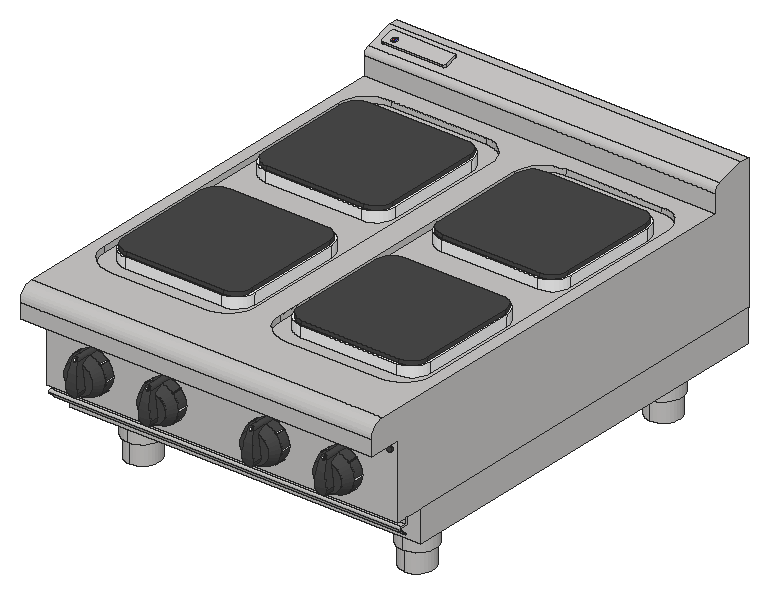
Revit family "QF_Moffat_RNL8400SE-B_Electric_Cooktops_Sealed_Hobs_cat", category Specialty Equipment, Revit 2019
Family settings
  Round Connector Dimension = Use Diameter
  Part Type = Normal
  Work Plane-Based = No
  Always vertical = Yes
  Cut with Voids When Loaded = No
  Shared = No
  Room Calculation Point = No
Parameters (values of type "RNL8400SE-B")
  Weight in Kilograms = 74
  Watts = 8800 W
  Volts = 400 V
  URL Cutsheet = ""
  Specification by User = ""
  Specification by Manufacturer = ""
  Serial Number = ""
  Seismic Rating = ""
  SMACNA No = ""
  Revision Code = ""
  Phase = 2
  Number of Poles = 1
  NAFEM Spec ID Number = ""
  Model = "RNL8400SE-B"
  Min Ckt Ampacity = 0 A
  Max Overcurrent Protection = 0 A
  Masterspec = ""
  Manufacturer = "Moffat"
  Length = 600 mm
  Item Number = ""
  Installed By = ""
  Identify Quantity as Lot = yes
  Height = 370 mm
  HP = ""
  Furnished By = ""
  Foodservice Equipment Identifier = yes
  FL Amps = 22 A
  Electrical Remarks = ""
  Electric Connection Type = ""
  Elec Conn RI Height = 0 mm
  Elec Conn Connection Height = 0 mm
  Description = "Electric Cooktops Sealed Hobs"
  Depth = 805 mm
  Cycle = 50 Hz
  Conn Plug = ""
  Conn Conduit = yes
  CSI MasterFormat = ""
  Apparent Power = if(Phase = 3, Volts * FL Amps * 1.73, Volts * FL Amps)  # 8800 VA
Reference planes
  plane 1 "BACK": y = 0
  plane 2: z = 0
  plane 3 "LEFT": x = 0
  plane 4 "RIGHT": x = 600
  plane 5 "FRONT": y = -805
  plane 6 "TOP": z = 315
  plane 7 "Center Y": x = 300
  plane 8 "Center X": y = -402.5
  plane 9: x = 65.5
  plane 10: x = 87.5
  plane 11: x = 211.766
  plane 12: y = -30
  plane 13: x = 470
  plane 14: x = 512.5
  plane 15: x = 388.234
  plane 16: x = 534.5
  plane 17: z = 370
Forms (mm)
  Extrusion 1, solid, material "QF_Metal_Stainless_Polished"
    sketch origin (0, 0, 0) x (0, 1, 0) y (0, 0, 1)
      loop
        line (0, 140) -> (0, 370) -> (-15, 370) -> (-61.106, 357.646)
        arc (-61.106, 357.646) -> (-67.52, 353.36) -> (-70, 346.055) r 12
        line (-70, 346.055) -> (-70, 315) -> (-781, 315)
        arc (-781, 315) -> (-797.971, 307.971) -> (-805, 291) r 24
        line (-805, 291) -> (-805, 266) -> (-749, 266) -> (-749, 140) -> (0, 140)
    from 0 to 600
  Extrusion 2, void
    sketch origin (0, -773.8, 315) x (0, 1, 0) y (-1, 0, 0)
      loop
        arc (673.6, -69) -> (658.955, -33.645) -> (623.6, -19) r 50
        line (623.6, -19) -> (123.399, -19)
        arc (123.399, -19) -> (88.044, -33.645) -> (73.399, -69) r 50
        line (73.399, -69) -> (73.399, -231)
        arc (73.399, -231) -> (88.044, -266.355) -> (123.399, -281) r 50
        line (123.399, -281) -> (623.6, -281)
        arc (623.6, -281) -> (658.955, -266.355) -> (673.6, -231) r 50
        line (673.6, -231) -> (673.6, -69)
      loop
        line (673.6, -531) -> (673.6, -369)
        arc (673.6, -369) -> (658.955, -333.645) -> (623.6, -319) r 50
        line (623.6, -319) -> (123.399, -319)
        arc (123.399, -319) -> (88.044, -333.645) -> (73.399, -369) r 50
        line (73.399, -369) -> (73.399, -531)
        arc (73.399, -531) -> (88.044, -566.355) -> (123.399, -581) r 50
        line (123.399, -581) -> (623.6, -581)
        arc (623.6, -581) -> (658.955, -566.355) -> (673.6, -531) r 50
    from 0 to -9.5
  Extrusion 3, solid, material "QF_Plastic_White_Smooth"
    sketch origin (0, -773.8, 305.5) x (0, 1, 0) y (-1, 0, 0)
      loop
        arc (635.218, -68) -> (625.846, -45.373) -> (603.218, -36) r 32
        line (603.218, -36) -> (440.356, -36)
        arc (440.356, -36) -> (417.729, -45.373) -> (408.356, -68) r 32
        line (408.356, -68) -> (408.356, -232)
        arc (408.356, -232) -> (417.729, -254.627) -> (440.356, -264) r 32
        line (440.356, -264) -> (603.218, -264)
        arc (603.218, -264) -> (625.846, -254.627) -> (635.218, -232) r 32
        line (635.218, -232) -> (635.218, -68)
      loop
        arc (335.256, -68) -> (325.884, -45.373) -> (303.256, -36) r 32
        line (303.256, -36) -> (140.282, -36)
        arc (140.282, -36) -> (117.655, -45.373) -> (108.282, -68) r 32
        line (108.282, -68) -> (108.282, -232)
        arc (108.282, -232) -> (117.655, -254.627) -> (140.282, -264) r 32
        line (140.282, -264) -> (303.256, -264)
        arc (303.256, -264) -> (325.884, -254.627) -> (335.256, -232) r 32
        line (335.256, -232) -> (335.256, -68)
      loop
        arc (635.218, -368) -> (625.846, -345.373) -> (603.218, -336) r 32
        line (603.218, -336) -> (440.356, -336)
        arc (440.356, -336) -> (417.728, -345.373) -> (408.356, -368) r 32
        line (408.356, -368) -> (408.356, -532)
        arc (408.356, -532) -> (417.728, -554.627) -> (440.356, -564) r 32
        line (440.356, -564) -> (603.218, -564)
        arc (603.218, -564) -> (625.846, -554.627) -> (635.218, -532) r 32
        line (635.218, -532) -> (635.218, -368)
      loop
        arc (335.258, -368) -> (325.885, -345.373) -> (303.258, -336) r 32
        line (303.258, -336) -> (140.279, -336)
        arc (140.279, -336) -> (117.652, -345.373) -> (108.279, -368) r 32
        line (108.279, -368) -> (108.279, -532)
        arc (108.279, -532) -> (117.652, -554.627) -> (140.279, -564) r 32
        line (140.279, -564) -> (303.258, -564)
        arc (303.258, -564) -> (325.885, -554.627) -> (335.258, -532) r 32
        line (335.258, -532) -> (335.258, -368)
    from 0 to 17.8
  Extrusion 4, solid, material "QF_Plastic_Black_Smooth"
    sketch origin (0, -773.8, 323.3) x (0, 1, 0) y (-1, 0, 0)
      loop
        arc (631.8, -67) -> (623.892, -47.908) -> (604.8, -40) r 27
        line (604.8, -40) -> (438.79, -40)
        arc (438.79, -40) -> (419.699, -47.908) -> (411.79, -67) r 27
        line (411.79, -67) -> (411.79, -233)
        arc (411.79, -233) -> (419.699, -252.092) -> (438.79, -260) r 27
        line (438.79, -260) -> (604.8, -260)
        arc (604.8, -260) -> (623.892, -252.092) -> (631.8, -233) r 27
        line (631.8, -233) -> (631.8, -67)
      loop
        arc (331.8, -67) -> (323.892, -47.908) -> (304.8, -40) r 27
        line (304.8, -40) -> (138.8, -40)
        arc (138.8, -40) -> (119.708, -47.908) -> (111.8, -67) r 27
        line (111.8, -67) -> (111.8, -233)
        arc (111.8, -233) -> (119.708, -252.092) -> (138.8, -260) r 27
        line (138.8, -260) -> (304.8, -260)
        arc (304.8, -260) -> (323.892, -252.092) -> (331.8, -233) r 27
        line (331.8, -233) -> (331.8, -67)
      loop
        line (631.8, -533) -> (631.8, -367)
        arc (631.8, -367) -> (623.892, -347.908) -> (604.8, -340) r 27
        line (604.8, -340) -> (438.79, -340)
        arc (438.79, -340) -> (419.699, -347.908) -> (411.79, -367) r 27
        line (411.79, -367) -> (411.79, -533)
        arc (411.79, -533) -> (419.699, -552.092) -> (438.79, -560) r 27
        line (438.79, -560) -> (604.8, -560)
        arc (604.8, -560) -> (623.892, -552.092) -> (631.8, -533) r 27
      loop
        line (331.8, -533) -> (331.8, -367)
        arc (331.8, -367) -> (323.892, -347.908) -> (304.8, -340) r 27
        line (304.8, -340) -> (138.8, -340)
        arc (138.8, -340) -> (119.708, -347.908) -> (111.8, -367) r 27
        line (111.8, -367) -> (111.8, -533)
        arc (111.8, -533) -> (119.708, -552.092) -> (138.8, -560) r 27
        line (138.8, -560) -> (304.8, -560)
        arc (304.8, -560) -> (323.892, -552.092) -> (331.8, -533) r 27
    from 0 to 6.1
  Extrusion 5, solid, material "QF_Metal_Stainless_Polished"
    sketch origin (0, 0, 0) x (0, 1, 0) y (0, 0, 1)
      loop
        line (-699, 85) -> (0, 85) -> (0, 140) -> (-699, 140) -> (-699, 85)
    from 0 to 600
  Extrusion 6, solid, material "QF_Metal_Stainless_Polished"
    sketch origin (0, 0, 0) x (0, 1, 0) y (0, 0, 1)
      loop
        line (-730.6, 140) -> (-730.6, 130) -> (-740.105, 130)
        arc (-740.105, 130) -> (-743.076, 128.015) -> (-742.379, 124.511) r 3.215
        line (-742.379, 124.511) -> (-731.85, 113.982) -> (-730.719, 115.113) -> (-741.247, 125.642)
        arc (-741.247, 125.642) -> (-741.597, 127.403) -> (-740.105, 128.4) r 1.615
        line (-740.105, 128.4) -> (-729, 128.4) -> (-729, 140) -> (-730.6, 140)
    from 0 to 600
  Extrusion 7, solid, material "QF_Metal_Stainless_Polished"
    sketch origin (300, 175.397, 1219.2) x (0, 1, 0) y (0, 0, 1)
      loop
        line (-874.397, -1109.2) -> (-889.234, -1109.2)
        arc (-889.234, -1109.2) -> (-890.834, -1110.8) -> (-889.234, -1112.4) r 1.6
        line (-889.234, -1112.4) -> (-874.397, -1112.4) -> (-874.397, -1109.2)
    from -250 to 250
  Extrusion 8, solid, material "QF_Paint_Green"
    sketch origin (0, -749, 107.5) x (0, 0, 1) y (-1, 0, 0)
      loop
        circle (129.8, -432.5) r 7.15
      loop
        circle (129.8, -557.5) r 7.15
      loop
        circle (129.8, -131.766) r 7.15
      loop
        circle (129.8, -256.766) r 7.15
    from 0 to 1.6
  Extrusion 9, solid, material "QF_Plastic_Black_Smooth"
    sketch origin (0, -749, 107.5) x (0, 0, 1) y (-1, 0, 0)
      loop
        circle (142.343, -13.157) r 5
      loop
        circle (142.343, -586.843) r 5
    from 0 to 1.6
  Extrusion 10, solid, material "QF_Metal_Stainless_Polished"
    sketch origin (-30, -689.8, 85) x (1, 0, 0) y (0, -1, 0)
      loop
        circle (500, -659.8) r 6.35
    from 0 to 1.6
Cuts and joins
  Extrusion 2 cuts Extrusion 1
Lines and regions (mm)
  symbolic lines
    curve 1: line (0, 0, 0) -> (600, 0, 0)
    curve 2: line (0, -805, 0) -> (0, 0, 0)
    curve 3: line (600, -805, 0) -> (0, -805, 0)
    curve 4: line (600, 0, 0) -> (600, -805, 0)
    curve 5: arc (69, -700.401, 0) -> (33.645, -685.756, 0) -> (19, -650.401, 0) r 50
    curve 6: line (19, -650.401, 0) -> (19, -150.2, 0)
    curve 7: arc (19, -150.2, 0) -> (33.645, -114.845, 0) -> (69, -100.2, 0) r 50
    curve 8: line (69, -100.2, 0) -> (231, -100.2, 0)
    curve 9: arc (231, -100.2, 0) -> (266.355, -114.845, 0) -> (281, -150.2, 0) r 50
    curve 10: line (281, -150.2, 0) -> (281, -650.401, 0)
    curve 11: arc (281, -650.401, 0) -> (266.355, -685.756, 0) -> (231, -700.401, 0) r 50
    curve 12: line (231, -700.401, 0) -> (69, -700.401, 0)
    curve 13: arc (369, -700.401, 0) -> (333.645, -685.756, 0) -> (319, -650.401, 0) r 50
    curve 14: line (319, -650.401, 0) -> (319, -150.2, 0)
    curve 15: arc (319, -150.2, 0) -> (333.645, -114.845, 0) -> (369, -100.2, 0) r 50
    curve 16: line (369, -100.2, 0) -> (531, -100.2, 0)
    curve 17: arc (531, -100.2, 0) -> (566.355, -114.845, 0) -> (581, -150.2, 0) r 50
    curve 18: line (581, -150.2, 0) -> (581, -650.401, 0)
    curve 19: arc (581, -650.401, 0) -> (566.355, -685.756, 0) -> (531, -700.401, 0) r 50
    curve 20: line (531, -700.401, 0) -> (369, -700.401, 0)
    curve 21: arc (232, -665.518, 0) -> (254.627, -656.145, 0) -> (264, -633.518, 0) r 32
    curve 22: line (264, -633.518, 0) -> (264, -470.544, 0)
    curve 23: arc (264, -470.544, 0) -> (254.627, -447.916, 0) -> (232, -438.544, 0) r 32
    curve 24: line (232, -438.544, 0) -> (68, -438.544, 0)
    curve 25: arc (68, -438.544, 0) -> (45.373, -447.916, 0) -> (36, -470.544, 0) r 32
    curve 26: line (36, -470.544, 0) -> (36, -633.518, 0)
    curve 27: arc (36, -633.518, 0) -> (45.373, -656.145, 0) -> (68, -665.518, 0) r 32
    curve 28: line (68, -665.518, 0) -> (232, -665.518, 0)
    curve 29: arc (233, -662, 0) -> (252.092, -654.092, 0) -> (260, -635, 0) r 27
    curve 30: line (260, -635, 0) -> (260, -469, 0)
    curve 31: arc (260, -469, 0) -> (252.092, -449.908, 0) -> (233, -442, 0) r 27
    curve 32: line (233, -442, 0) -> (67, -442, 0)
    curve 33: arc (67, -442, 0) -> (47.908, -449.908, 0) -> (40, -469, 0) r 27
    curve 34: line (40, -469, 0) -> (40, -635, 0)
    curve 35: arc (40, -635, 0) -> (47.908, -654.092, 0) -> (67, -662, 0) r 27
    curve 36: line (67, -662, 0) -> (233, -662, 0)
    curve 37: arc (336, -633.521, 0) -> (345.373, -656.148, 0) -> (368, -665.521, 0) r 32
    curve 38: line (368, -665.521, 0) -> (532, -665.521, 0)
    curve 39: arc (532, -665.521, 0) -> (554.627, -656.148, 0) -> (564, -633.521, 0) r 32
    curve 40: line (564, -633.521, 0) -> (564, -470.542, 0)
    curve 41: arc (564, -470.542, 0) -> (554.627, -447.915, 0) -> (532, -438.542, 0) r 32
    curve 42: line (532, -438.542, 0) -> (368, -438.542, 0)
    curve 43: arc (368, -438.542, 0) -> (345.373, -447.915, 0) -> (336, -470.542, 0) r 32
    curve 44: line (336, -470.542, 0) -> (336, -633.521, 0)
    curve 45: arc (340, -635, 0) -> (347.908, -654.092, 0) -> (367, -662, 0) r 27
    curve 46: line (367, -662, 0) -> (533, -662, 0)
    curve 47: arc (533, -662, 0) -> (552.092, -654.092, 0) -> (560, -635, 0) r 27
    curve 48: line (560, -635, 0) -> (560, -469, 0)
    curve 49: arc (560, -469, 0) -> (552.092, -449.908, 0) -> (533, -442, 0) r 27
    curve 50: line (533, -442, 0) -> (367, -442, 0)
    curve 51: arc (367, -442, 0) -> (347.908, -449.908, 0) -> (340, -469, 0) r 27
    curve 52: line (340, -469, 0) -> (340, -635, 0)
    curve 53: arc (340, -335.01, 0) -> (347.908, -354.101, 0) -> (367, -362.01, 0) r 27
    curve 54: line (367, -362.01, 0) -> (533, -362.01, 0)
    curve 55: arc (533, -362.01, 0) -> (552.092, -354.101, 0) -> (560, -335.01, 0) r 27
    curve 56: line (560, -335.01, 0) -> (560, -169, 0)
    curve 57: arc (560, -169, 0) -> (552.092, -149.908, 0) -> (533, -142, 0) r 27
    curve 58: line (533, -142, 0) -> (367, -142, 0)
    curve 59: arc (367, -142, 0) -> (347.908, -149.908, 0) -> (340, -169, 0) r 27
    curve 60: line (340, -169, 0) -> (340, -335.01, 0)
    curve 61: arc (336, -333.444, 0) -> (345.373, -356.072, 0) -> (368, -365.444, 0) r 32
    curve 62: line (368, -365.444, 0) -> (532, -365.444, 0)
    curve 63: arc (532, -365.444, 0) -> (554.627, -356.072, 0) -> (564, -333.444, 0) r 32
    curve 64: line (564, -333.444, 0) -> (564, -170.582, 0)
    curve 65: arc (564, -170.582, 0) -> (554.627, -147.954, 0) -> (532, -138.582, 0) r 32
    curve 66: line (532, -138.582, 0) -> (368, -138.582, 0)
    curve 67: arc (368, -138.582, 0) -> (345.373, -147.954, 0) -> (336, -170.582, 0) r 32
    curve 68: line (336, -170.582, 0) -> (336, -333.444, 0)
    curve 69: arc (232, -365.444, 0) -> (254.627, -356.071, 0) -> (264, -333.444, 0) r 32
    curve 70: line (264, -333.444, 0) -> (264, -170.582, 0)
    curve 71: arc (264, -170.582, 0) -> (254.627, -147.954, 0) -> (232, -138.582, 0) r 32
    curve 72: line (232, -138.582, 0) -> (68, -138.582, 0)
    curve 73: arc (68, -138.582, 0) -> (45.373, -147.954, 0) -> (36, -170.582, 0) r 32
    curve 74: line (36, -170.582, 0) -> (36, -333.444, 0)
    curve 75: arc (36, -333.444, 0) -> (45.373, -356.071, 0) -> (68, -365.444, 0) r 32
    curve 76: line (68, -365.444, 0) -> (232, -365.444, 0)
    curve 77: arc (233, -362.01, 0) -> (252.092, -354.101, 0) -> (260, -335.01, 0) r 27
    curve 78: line (260, -335.01, 0) -> (260, -169, 0)
    curve 79: arc (260, -169, 0) -> (252.092, -149.908, 0) -> (233, -142, 0) r 27
    curve 80: line (233, -142, 0) -> (67, -142, 0)
    curve 81: arc (67, -142, 0) -> (47.908, -149.908, 0) -> (40, -169, 0) r 27
    curve 82: line (40, -169, 0) -> (40, -335.01, 0)
    curve 83: arc (40, -335.01, 0) -> (47.908, -354.101, 0) -> (67, -362.01, 0) r 27
    curve 84: line (67, -362.01, 0) -> (233, -362.01, 0)
    curve 85: line (0, -15, 0) -> (600, -15, 0)
    curve 86: line (0, -70, 0) -> (600, -70, 0)
Dimensions and locks
  equal spacing: plane 3 "LEFT", plane 7 "Center Y", plane 4 "RIGHT"
  "Length": plane 3 "LEFT" to plane 4 "RIGHT"
  equal spacing: plane 5 "FRONT", plane 8 "Center X", plane 1 "BACK"
  "Depth": plane 5 "FRONT" to plane 1 "BACK"
  plane 4 "RIGHT" to plane 3 "LEFT" = 600 mm
  plane 1 "BACK" to plane 5 "FRONT" = 805 mm
  plane 6 "TOP" to plane 2 = 315 mm
  cut or joined group of Extrusion 1, Extrusion 2 to plane 2 = 315 mm
  plane 2 to Extrusion 5 = 85 mm
  plane 1 "BACK" to nested 5 = 100 mm
  nested 5 to nested 1 = 525 mm
  plane 13 to plane 4 "RIGHT" = 130 mm
  plane 9 to plane 16 = 469 mm
  plane 1 "BACK" to plane 12 = 30 mm
  "Height": plane 17 to level
  aligned and locked: level to plane 2
Automatic sketch dimensions
  Extrusion 3 sketch curve to Extrusion 2 = 34.883 mm
  Extrusion 3 sketch curve to Extrusion 2 = 17 mm  (x6)
  Extrusion 3 sketch curve to Extrusion 3 sketch curve = 32 mm  (x11)
  Extrusion 3 sketch curve to Extrusion 2 = 49 mm  (x5)
  Extrusion 3 sketch curve to Extrusion 3 sketch curve = 162.974 mm
  Extrusion 3 sketch curve to Extrusion 3 sketch curve = 73.1 mm
  Extrusion 3 sketch curve to Extrusion 2 = 70.382 mm  (x4)
  Extrusion 5 sketch curve to plane 1 "BACK" = 0 mm
  Extrusion 5 sketch curve to plane 5 "FRONT" = 106 mm
  level to Extrusion 5 sketch curve = 85 mm
  Extrusion 5 sketch curve to Extrusion 5 sketch curve = 55 mm
  Extrusion 6 sketch curve to Extrusion 6 sketch curve = 0 mm  (x2)
  Extrusion 6 sketch curve to plane 5 "FRONT" = 62.621 mm
  Extrusion 6 sketch curve to Extrusion 6 sketch curve = 1.131 mm  (x3)
  Extrusion 6 sketch curve to Extrusion 6 sketch curve = 1.142 mm  (x2)
  Extrusion 6 sketch curve to Extrusion 6 sketch curve = 10.529 mm
  Extrusion 6 sketch curve to Extrusion 6 sketch curve = 9.505 mm
  Extrusion 6 sketch curve to Extrusion 6 sketch curve = 1.6 mm
  level to Extrusion 6 sketch curve = 113.982 mm
  Extrusion 6 sketch curve to Extrusion 6 sketch curve = 10 mm
  Extrusion 1 to Extrusion 9 sketch curve = 13.157 mm  (x2)
  Extrusion 10 sketch curve to Extrusion 5 = 30 mm
  Extrusion 10 sketch curve to Extrusion 5 = 130 mm
  Extrusion 7 sketch curve to plane 5 "FRONT" = 91.163 mm
  Extrusion 7 sketch curve to Extrusion 7 sketch curve = 14.837 mm
  level to Extrusion 7 sketch curve = 106.8 mm
  Extrusion 7 sketch curve to Extrusion 7 sketch curve = 1.6 mm
  Extrusion 1 to Extrusion 8 sketch curve = 42.5 mm
  Extrusion 8 sketch curve to Extrusion 8 sketch curve = 125 mm  (x2)
  Extrusion 8 sketch curve to Extrusion 8 sketch curve = 175.734 mm
  Extrusion 1 to Extrusion 2 sketch curve = 19 mm
  Extrusion 2 sketch curve to Extrusion 2 sketch curve = 50 mm  (x6)
  Extrusion 2 sketch curve to Extrusion 2 sketch curve = 0 mm  (x2)
  Extrusion 2 sketch curve to Extrusion 2 sketch curve = 162 mm
  Extrusion 2 sketch curve to Extrusion 2 sketch curve = 38 mm
  Extrusion 1 to Extrusion 2 sketch curve = 69 mm
  Extrusion 3 sketch curve to Extrusion 2 = 265.244 mm
  Extrusion 3 sketch curve to Extrusion 2 = 34.88 mm
  Extrusion 3 sketch curve to Extrusion 3 sketch curve = 105.098 mm
  Extrusion 4 sketch curve to Extrusion 3 = 3.518 mm  (x2)
  Extrusion 4 sketch curve to Extrusion 4 sketch curve = 27 mm  (x6)
  Extrusion 4 sketch curve to Extrusion 3 = 4 mm  (x7)
  Extrusion 4 sketch curve to Extrusion 3 = 30.518 mm
  Extrusion 4 sketch curve to Extrusion 3 = 30.456 mm  (x4)
  Extrusion 4 sketch curve to Extrusion 3 = 3.456 mm  (x2)
  Extrusion 4 sketch curve to Extrusion 3 = 3.434 mm  (x2)
  Extrusion 4 sketch curve to Extrusion 3 = 30.434 mm
  Extrusion 4 sketch curve to Extrusion 3 = 30.418 mm  (x4)
  Extrusion 4 sketch curve to Extrusion 3 = 3.418 mm  (x2)
  Extrusion 4 sketch curve to Extrusion 3 = 31 mm
  Extrusion 2 sketch curve to Extrusion 1 = 130.599 mm
  Extrusion 8 sketch curve to Extrusion 1 = 28.7 mm  (x4)
  Extrusion 9 sketch curve to Extrusion 1 = 16.157 mm  (x2)
  plane 1 "BACK" to curve 1 = 0 mm
  curve 1 to plane 3 "LEFT" = 0 mm
  curve 4 to plane 4 "RIGHT" = 0 mm
  plane 5 "FRONT" to curve 4 = 0 mm
  plane 3 "LEFT" to curve 6 = 19 mm
  plane 9 to curve 26 = 29.5 mm
  curve 7 to curve 74 = 17 mm
  curve 73 to curve 82 = 4 mm
  curve 25 to curve 34 = 4 mm
  curve 32 to plane 9 = 1.5 mm
  curve 36 to plane 9 = 1.5 mm
  curve 83 to plane 9 = 1.5 mm
  curve 80 to plane 9 = 1.5 mm
  curve 24 to plane 9 = 2.5 mm
  curve 81 to curve 73 = 1 mm
  curve 27 to plane 9 = 2.5 mm
  curve 83 to curve 75 = 1 mm
  curve 8 to plane 9 = 3.5 mm
  curve 5 to plane 9 = 3.5 mm
  plane 11 to curve 8 = 19.234 mm
  plane 11 to curve 11 = 19.234 mm
  plane 11 to curve 24 = 20.234 mm
  plane 11 to curve 76 = 20.234 mm
  plane 11 to curve 71 = 20.234 mm
  curve 11 to curve 28 = 1 mm
  curve 23 to curve 31 = 1 mm
  curve 76 to curve 84 = 1 mm
  curve 71 to curve 80 = 1 mm
  curve 21 to curve 29 = 1 mm
  curve 31 to curve 30 = 27 mm
  curve 77 to curve 78 = 27 mm
  curve 29 to curve 22 = 4 mm
  curve 77 to curve 70 = 4 mm
  curve 10 to plane 7 "Center Y" = 19 mm
  plane 7 "Center Y" to curve 14 = 19 mm
  curve 14 to curve 44 = 17 mm
  plane 7 "Center Y" to curve 68 = 36 mm
  curve 68 to curve 60 = 4 mm
  curve 44 to curve 52 = 4 mm
  plane 15 to curve 51 = 21.234 mm
  plane 15 to curve 53 = 21.234 mm
  plane 15 to curve 59 = 21.234 mm
  plane 15 to curve 46 = 21.234 mm
  curve 45 to curve 37 = 1 mm
  curve 51 to curve 43 = 1 mm
  curve 59 to curve 67 = 1 mm
  curve 53 to curve 61 = 1 mm
  plane 15 to curve 20 = 19.234 mm
  plane 15 to curve 16 = 19.234 mm
  curve 19 to plane 16 = 3.5 mm
  curve 17 to plane 16 = 3.5 mm
  curve 66 to plane 16 = 2.5 mm
  curve 38 to plane 16 = 2.5 mm
  curve 62 to plane 16 = 2.5 mm
  curve 41 to plane 16 = 2.5 mm
  curve 49 to plane 16 = 1.5 mm
  curve 55 to plane 16 = 1.5 mm
  curve 57 to plane 16 = 1.5 mm
  curve 46 to plane 16 = 1.5 mm
  plane 16 to curve 56 = 25.5 mm
  plane 16 to curve 48 = 25.5 mm
  curve 57 to curve 64 = 4 mm
  curve 47 to curve 40 = 4 mm
  plane 4 "RIGHT" to curve 18 = 19 mm
  curve 20 to plane 5 "FRONT" = 104.599 mm
  curve 12 to plane 5 "FRONT" = 104.599 mm
  curve 38 to curve 13 = 15.12 mm
  curve 28 to curve 5 = 15.117 mm
  curve 28 to curve 36 = 3.518 mm
  curve 37 to curve 46 = 3.521 mm
  curve 25 to plane 8 "Center X" = 68.044 mm
  curve 43 to plane 8 "Center X" = 68.042 mm
  curve 25 to curve 33 = 1.544 mm
  curve 43 to curve 51 = 1.542 mm
  plane 8 "Center X" to curve 62 = 37.056 mm
  plane 8 "Center X" to curve 76 = 37.056 mm
  curve 76 to curve 84 = 3.434 mm
  curve 62 to curve 54 = 3.435 mm
  plane 12 to curve 74 = 140.582 mm
  curve 70 to curve 68 = 0 mm
  curve 73 to curve 81 = 1.582 mm
  curve 64 to curve 56 = 1.582 mm
  curve 70 to curve 10 = 20.382 mm
  curve 67 to curve 14 = 20.382 mm
  Extrusion 1 sketch curve to plane 5 "FRONT" = 0 mm
  Extrusion 1 sketch curve to plane 5 "FRONT" = 24 mm
  Extrusion 1 sketch curve to plane 5 "FRONT" = 56 mm
  Extrusion 1 sketch curve to Extrusion 1 sketch curve = 25 mm
  Extrusion 1 sketch curve to Extrusion 1 sketch curve = 126 mm
  plane 12 to Extrusion 1 sketch curve = 40 mm
  plane 6 "TOP" to Extrusion 1 sketch curve = 31.055 mm
  Extrusion 1 sketch curve to Extrusion 1 sketch curve = 12 mm
  Extrusion 1 sketch curve to Extrusion 1 sketch curve = 3.106 mm
  plane 1 "BACK" to Extrusion 1 sketch curve = 15 mm
  Extrusion 1 sketch curve to Extrusion 1 sketch curve = 12.354 mm
  Extrusion 1 sketch curve to plane 1 "BACK" = 0 mm
  Extrusion 1 sketch curve to plane 6 "TOP" = 0 mm
  Extrusion 2 sketch curve to Extrusion 1 = 80.2 mm  (x3)
  curve 85 to curve 1 = 15 mm
  plane 12 to curve 86 = 40 mm
  radius of Extrusion 9 sketch curve = 5 mm  (x2)
  radius of Extrusion 10 sketch curve = 6.35 mm
  radius of Extrusion 8 sketch curve = 7.15 mm  (x4)
Nested families
  nested 1: "Small Leg" at (33.75, -593.25, 0), type "Small Leg"
  nested 2: "Small Leg" at (566.25, -593.25, 0) x (-1, 0, 0) z (0, 0, 1), type "Small Leg"
  nested 3: "Knob" at (55.003, -746.031, 164.502), type "Knob"
  nested 4: "Knob" at (179.269, -746.031, 164.502), type "Knob"
  nested 5: "Small Leg" at (33.75, -68.25, 0), type "Small Leg"
  nested 6: "Small Leg" at (566.25, -68.25, 0) x (-1, 0, 0) z (0, 0, 1), type "Small Leg"
  nested 7: "Knob" at (355.738, -746.031, 164.502), type "Knob"
  nested 8: "Knob" at (480.003, -746.031, 164.502), type "Knob"
  nested 9: "QF_LOGO_Waldorf" at (12, -23.778, 340.937), type "QF_LOGO_Waldorf"
Connectors
  electrical at (470, -30, 83.4), driven by "Volts", driven by "Watts"
    settings: on Extrusion 10, index 1, voltage 400 V, apparent load 8800 VA, apparent load phase1 0 VA, apparent load phase2 0 VA, apparent load phase3 0 VA, power factor 1, load classification "Other", number of poles 1, system type 30, power factor state 1, is connector primary yes, connector utility no, sub classification motor no, connector description "Electrical Connection"
Definition of nested family "Small Leg"
  Parameters (values of type "Small Leg")
    Weight in Pounds = 0
    URL Cutsheet = ""
    Specification by User = ""
    Specification by Manufacturer = ""
    Serial Number = ""
    Seismic Rating = ""
    SMACNA No = ""
    Revision Code = ""
    NAFEM Spec ID Number = ""
    Masterspec = ""
    Length = 63.5 mm
    Item Number = ""
    Installed By = ""
    Identify Quantity as Lot = yes
    Height = 85 mm
    Furnished By = ""
    Foodservice Equipment Identifier = yes
    Depth = 63.5 mm
    CSI MasterFormat = ""
  Reference planes
    plane 1 "BACK": y = 0
    plane 2: z = 0
    plane 3 "LEFT": x = 0
    plane 4 "RIGHT": x = 63.5
    plane 5 "FRONT": y = -63.5
    plane 6 "TOP": z = 85
    plane 7 "Center Y": x = 31.75
    plane 8 "Center X": y = -31.75
  Forms (mm)
    Revolve 1, solid
      sketch origin (31.75, 175.397, 1219.2) x (0, 1, 0) y (0, 0, 1)
        loop
          line (-207.147, -1134.2) -> (-207.147, -1219.2) -> (-179.647, -1219.2) -> (-179.647, -1184.2) -> (-175.397, -1184.2) -> (-175.397, -1134.2) -> (-207.147, -1134.2)
        axis (-207.147, -1134.2) -> (-207.147, -1219.2)
      angle from 0 to 360
  Dimensions and locks
    equal spacing: plane 3 "LEFT", plane 7 "Center Y", plane 4 "RIGHT"
    "Length": plane 3 "LEFT" to plane 4 "RIGHT"
    equal spacing: plane 5 "FRONT", plane 8 "Center X", plane 1 "BACK"
    "Depth": plane 5 "FRONT" to plane 1 "BACK"
    "Height": plane 6 "TOP" to level
    plane 4 "RIGHT" to plane 3 "LEFT" = 63.5 mm
    aligned and locked: level to plane 2
  Automatic sketch dimensions
    Revolve 1 sketch curve to plane 6 "TOP" = 0 mm
    Revolve 1 sketch curve to plane 8 "Center X" = 0 mm  (x2)
    Revolve 1 sketch curve to level = 0 mm  (x2)
    Revolve 1 sketch curve to plane 1 "BACK" = 0 mm
    Revolve 1 sketch curve to Revolve 1 sketch curve = 4.25 mm
    level to Revolve 1 sketch curve = 35 mm
    Revolve 1 sketch curve to Revolve 1 sketch curve = 20 mm
Definition of nested family "Knob"
  Parameters (values of type "Knob")
    Weight in Pounds = 0
    URL Cutsheet = ""
    Specification by User = ""
    Specification by Manufacturer = ""
    Serial Number = ""
    Seismic Rating = ""
    SMACNA No = ""
    Revision Code = ""
    NAFEM Spec ID Number = ""
    Masterspec = ""
    Length = 65 mm
    Item Number = ""
    Installed By = ""
    Identify Quantity as Lot = yes
    Height = 69.5 mm
    Furnished By = ""
    Foodservice Equipment Identifier = yes
    Depth = 59 mm
    CSI MasterFormat = ""
  Reference planes
    plane 1 "BACK": y = 0
    plane 2: z = 0
    plane 3 "LEFT": x = 0
    plane 4 "RIGHT": x = 65
    plane 5 "FRONT": y = -59
    plane 6 "TOP": z = 69.5
    plane 7 "Center Y": x = 32.5
    plane 8 "Center X": y = -29.5
  Forms (mm)
    Revolve 1, solid
      sketch origin (32.5, 175.397, 1219.2) x (0, 1, 0) y (0, 0, 1)
        loop
          line (-175.397, -1186.7) -> (-219.397, -1186.7) -> (-219.397, -1211.501) -> (-202.106, -1219.2) -> (-185.397, -1219.2) -> (-185.397, -1191.7) -> (-175.397, -1191.7) -> (-175.397, -1186.7)
        axis (-219.397, -1186.7) -> (-175.397, -1186.7)
      angle from 0 to 360
    Extrusion 2, solid
      sketch origin (32.5, 175.397, 1219.2) x (0, 1, 0) y (0, 0, 1)
        loop
          line (-202.106, -1154.2) -> (-185.397, -1154.2) -> (-185.397, -1149.7) -> (-224.105, -1149.7)
          arc (-224.105, -1149.7) -> (-233.965, -1178.467) -> (-230.696, -1208.7) r 70
          line (-230.696, -1208.7) -> (-219.397, -1208.7) -> (-219.397, -1161.899) -> (-202.106, -1154.2)
      from -15 to 15
    Extrusion 3, void
      sketch origin (0, 0, 0) x (1, 0, 0) y (0, 0, 1)
        loop
          line (27.501, 64.613) -> (22.02, 20.585)
          arc (22.02, 20.585) -> (32.792, 10.488) -> (42.986, 21.169) r 10.487
          line (42.986, 21.169) -> (37.499, 64.613)
          arc (37.499, 64.613) -> (32.5, 69.5) -> (27.501, 64.613) r 5
        loop
          line (10, 72.977) -> (10, 5.625) -> (55, 5.625) -> (55, 72.977) -> (10, 72.977)
      from 6.142 to 69.687
    Extrusion 4, solid
      sketch origin (0, -34.115, -16.916) x (1, 0, 0) y (0, 0.45399, 0.891007)
        loop
          circle (32.497, 65) r 2
      from 51.525 to 53.075
    Extrusion 5, solid
      sketch origin (32.5, -10, 32.5) x (0, 0, -1) y (-1, 0, 0)
        loop
          line (-23.54, -22.408) -> (-24.106, -22.974)
          arc (-24.106, -22.974) -> (-23.547, -23.547) -> (-22.974, -24.106) r 33.3
          line (-22.974, -24.106) -> (-22.408, -23.54)
          arc (-22.408, -23.54) -> (-22.981, -22.981) -> (-23.54, -22.408) r 32.5
        loop
          arc (-0.8, -33.29) -> (0, -33.3) -> (0.8, -33.29) r 33.3
          line (0.8, -33.29) -> (0.8, -32.49)
          arc (0.8, -32.49) -> (0, -32.5) -> (-0.8, -32.49) r 32.5
          line (-0.8, -32.49) -> (-0.8, -33.29)
        loop
          arc (23.54, -22.408) -> (22.981, -22.981) -> (22.408, -23.54) r 32.5
          line (22.408, -23.54) -> (22.974, -24.106)
          arc (22.974, -24.106) -> (23.547, -23.547) -> (24.106, -22.974) r 33.3
          line (24.106, -22.974) -> (23.54, -22.408)
        loop
          arc (-23.54, 22.408) -> (-22.981, 22.981) -> (-22.408, 23.54) r 32.5
          line (-22.408, 23.54) -> (-22.974, 24.106)
          arc (-22.974, 24.106) -> (-23.547, 23.547) -> (-24.106, 22.974) r 33.3
          line (-24.106, 22.974) -> (-23.54, 22.408)
        loop
          line (-0.8, 33.29) -> (-0.8, 32.49)
          arc (-0.8, 32.49) -> (0, 32.5) -> (0.8, 32.49) r 32.5
          line (0.8, 32.49) -> (0.8, 33.29)
          arc (0.8, 33.29) -> (0, 33.3) -> (-0.8, 33.29) r 33.3
        loop
          line (32.49, -0.8) -> (33.29, -0.8)
          arc (33.29, -0.8) -> (33.3, 0) -> (33.29, 0.8) r 33.3
          line (33.29, 0.8) -> (32.49, 0.8)
          arc (32.49, 0.8) -> (32.5, 0) -> (32.49, -0.8) r 32.5
        loop
          arc (24.106, 22.974) -> (23.547, 23.547) -> (22.974, 24.106) r 33.3
          line (22.974, 24.106) -> (22.408, 23.54)
          arc (22.408, 23.54) -> (22.981, 22.981) -> (23.54, 22.408) r 32.5
          line (23.54, 22.408) -> (24.106, 22.974)
      from 0 to -16.709
  Cuts and joins
    Extrusion 3 cuts Extrusion 2
  Dimensions and locks
    equal spacing: plane 3 "LEFT", plane 7 "Center Y", plane 4 "RIGHT"
    "Length": plane 3 "LEFT" to plane 4 "RIGHT"
    equal spacing: plane 5 "FRONT", plane 8 "Center X", plane 1 "BACK"
    "Depth": plane 5 "FRONT" to plane 1 "BACK"
    "Height": plane 6 "TOP" to level
    plane 4 "RIGHT" to plane 3 "LEFT" = 65 mm
    aligned and locked: level to plane 2
  Automatic sketch dimensions
    Revolve 1 sketch curve to level = 0 mm
    Revolve 1 sketch curve to plane 1 "BACK" = 0 mm  (x2)
    plane 1 "BACK" to Revolve 1 sketch curve = 10 mm
    plane 8 "Center X" to Revolve 1 sketch curve = 2.791 mm
    Revolve 1 sketch curve to plane 8 "Center X" = 14.5 mm
    level to Revolve 1 sketch curve = 7.699 mm
    level to Revolve 1 sketch curve = 27.5 mm
    Revolve 1 sketch curve to Revolve 1 sketch curve = 5 mm
    Revolve 1 sketch curve to Revolve 1 sketch curve = 35 mm
    Revolve 1 sketch curve to Revolve 1 sketch curve = 0 mm
    Extrusion 2 sketch curve to plane 6 "TOP" = 0 mm
    Extrusion 2 sketch curve to plane 5 "FRONT" = 3.702 mm
    Extrusion 2 sketch curve to plane 5 "FRONT" = 10.293 mm
    Extrusion 2 sketch curve to Extrusion 2 sketch curve = 11.298 mm
    plane 8 "Center X" to Extrusion 2 sketch curve = 2.791 mm
    plane 1 "BACK" to Extrusion 2 sketch curve = 10 mm
    Extrusion 2 sketch curve to plane 1 "BACK" = 11 mm
    Extrusion 2 sketch curve to plane 6 "TOP" = 4.5 mm
    Extrusion 2 sketch curve to plane 6 "TOP" = 12.199 mm
    level to Extrusion 2 sketch curve = 32.962 mm
    level to Extrusion 3 sketch curve = 5.625 mm
    Extrusion 3 sketch curve to plane 7 "Center Y" = 0 mm  (x2)
    Extrusion 3 sketch curve to plane 7 "Center Y" = 4.999 mm
    Extrusion 3 sketch curve to plane 7 "Center Y" = 10.48 mm
    plane 6 "TOP" to Extrusion 3 sketch curve = 3.477 mm
    plane 3 "LEFT" to Extrusion 3 sketch curve = 10 mm
    Extrusion 3 sketch curve to plane 6 "TOP" = 4.887 mm
    Extrusion 3 sketch curve to Extrusion 3 sketch curve = 4.999 mm
    plane 7 "Center Y" to Extrusion 3 sketch curve = 10.486 mm
    level to Extrusion 3 sketch curve = 20.585 mm
    Extrusion 3 sketch curve to Extrusion 3 sketch curve = 0.387 mm
    Extrusion 3 sketch curve to Extrusion 3 sketch curve = 0.113 mm
    plane 4 "RIGHT" to Extrusion 3 sketch curve = 10 mm
    Extrusion 5 sketch curve to Revolve 1 = 32.49 mm
    Revolve 1 to Extrusion 5 sketch curve = 32.49 mm
    Extrusion 5 sketch curve to Revolve 1 = 23.54 mm  (x2)
    Revolve 1 to Extrusion 5 sketch curve = 23.54 mm  (x2)
    Extrusion 5 sketch curve to Revolve 1 = 24.106 mm  (x2)
    Revolve 1 to Extrusion 5 sketch curve = 24.106 mm  (x2)
    Revolve 1 to Extrusion 5 sketch curve = 22.408 mm  (x2)
    Extrusion 5 sketch curve to Revolve 1 = 22.408 mm  (x2)
    Revolve 1 to Extrusion 5 sketch curve = 22.974 mm  (x2)
    Extrusion 5 sketch curve to Revolve 1 = 22.974 mm  (x2)
    Extrusion 5 sketch curve to Extrusion 5 sketch curve = 1.6 mm  (x2)
    Revolve 1 to Extrusion 5 sketch curve = 0.8 mm
    Extrusion 5 sketch curve to Revolve 1 = 0.8 mm
    Extrusion 4 sketch curve to plane 7 "Center Y" = 0.003 mm
    radius of Extrusion 5 sketch curve to Revolve 1 = 0 mm  (x7)
    radius of Revolve 1 to Extrusion 5 sketch curve = 0.8 mm  (x7)
    radius of Extrusion 4 sketch curve = 2 mm
Definition of nested family "QF_LOGO_Waldorf"
  Parameters (values of type "QF_LOGO_Waldorf")
    Weight in Pounds = 0
    URL Cutsheet = ""
    Specification by User = ""
    Specification by Manufacturer = ""
    Serial Number = ""
    Seismic Rating = ""
    SMACNA No = ""
    Revision Code = ""
    NAFEM Spec ID Number = ""
    Masterspec = ""
    Length = 138 mm
    Item Number = ""
    Installed By = ""
    Identify Quantity as Lot = yes
    Height = 26.711 mm
    Furnished By = ""
    Foodservice Equipment Identifier = yes
    Depth = 3.175 mm
    CSI MasterFormat = ""
  Reference planes
    plane 1 "BACK": y = 0
    plane 2: z = 0
    plane 3 "LEFT": x = 0
    plane 4 "RIGHT": x = 138
    plane 5 "FRONT": y = -3.175
    plane 6 "TOP": z = 26.711
    plane 7 "Center Y": x = 69
    plane 8 "Center X": y = -1.587
  Forms (mm)
    Extrusion 1, solid
      sketch origin (0, -25.801, 19.798) x (1, 0, 0) y (0, 0.965926, 0.258819)
        loop
          line (109, 3.464) -> (109, 23.247)
          spline (109, 23.247) -> (108.966, 23.699) -> (108.864, 24.143) -> (108.696, 24.572) -> (108.464, 24.979) -> (108.173, 25.355) -> (107.828, 25.696) -> (107.435, 25.995) -> (107, 26.247) -> (106.531, 26.447) -> (106.035, 26.593) -> (105.522, 26.681) -> (105, 26.711)
          line (105, 26.711) -> (4, 26.711)
          spline (4, 26.711) -> (3.478, 26.681) -> (2.965, 26.593) -> (2.469, 26.447) -> (2, 26.247) -> (1.565, 25.995) -> (1.172, 25.696) -> (0.827, 25.355) -> (0.536, 24.979) -> (0.304, 24.572) -> (0.136, 24.143) -> (0.034, 23.699) -> (0, 23.247)
          line (0, 23.247) -> (0, 3.464)
          spline (0, 3.464) -> (0.034, 3.012) -> (0.136, 2.568) -> (0.304, 2.138) -> (0.536, 1.732) -> (0.827, 1.355) -> (1.172, 1.015) -> (1.565, 0.716) -> (2, 0.464) -> (2.469, 0.264) -> (2.965, 0.118) -> (3.478, 0.03) -> (4, 0)
          line (4, 0) -> (105, 0)
          spline (105, 0) -> (105.522, 0.03) -> (106.035, 0.118) -> (106.531, 0.264) -> (107, 0.464) -> (107.435, 0.716) -> (107.828, 1.015) -> (108.173, 1.355) -> (108.464, 1.732) -> (108.696, 2.138) -> (108.864, 2.568) -> (108.966, 3.012) -> (109, 3.464)
        loop
          line (14.75, 7.005) -> (14.75, 15.654)
          arc (14.75, 15.654) -> (10.425, 11.329) -> (14.75, 7.005) r 4.325
        loop
          line (15.25, 15.654) -> (15.25, 7.005)
          arc (15.25, 7.005) -> (19.575, 11.329) -> (15.25, 15.654) r 4.325
      from 0 to 3.2
    Extrusion 2, solid
      sketch origin (0, -25.801, 19.798) x (1, 0, 0) y (0, 0.965926, 0.258819)
        loop
          line (15.25, 15.654) -> (15.25, 7.005)
          arc (15.25, 7.005) -> (19.575, 11.329) -> (15.25, 15.654) r 4.325
      from 0 to 3.2
    Extrusion 3, solid
      sketch origin (16.271, -25.801, 19.798) x (-1, 0, 0) y (0, -0.965926, -0.258819)
        loop
          arc (1.521, -15.654) -> (5.846, -11.329) -> (1.521, -7.005) r 4.325
          line (1.521, -7.005) -> (1.521, -15.654)
      from 0 to 3.2
  Lines and regions (mm)
    Split face 1
      outline origin (0, -26.629, 22.888) x (1, 0, 0) y (0, 0.965926, 0.258819)
        loop
          spline (22.129, 16.975) -> (22.389, 15.984) -> (22.649, 15.002) -> (22.91, 14.028) -> (23.172, 13.065) -> (23.433, 12.11) -> (23.695, 11.166) -> (23.956, 10.232) -> (24.218, 9.308) -> (24.479, 8.396) -> (24.74, 7.495) -> (25, 6.605) -> (25.26, 5.728)
          line (25.26, 5.728) -> (29.463, 5.728)
          spline (29.463, 5.728) -> (29.582, 6.252) -> (29.701, 6.78) -> (29.82, 7.313) -> (29.939, 7.85) -> (30.058, 8.391) -> (30.178, 8.936) -> (30.297, 9.485) -> (30.416, 10.038) -> (30.536, 10.594) -> (30.655, 11.155) -> (30.775, 11.719) -> (30.894, 12.287)
          spline (30.894, 12.287) -> (31.018, 11.719) -> (31.142, 11.155) -> (31.266, 10.594) -> (31.39, 10.038) -> (31.514, 9.485) -> (31.638, 8.936) -> (31.762, 8.391) -> (31.885, 7.85) -> (32.009, 7.313) -> (32.133, 6.78) -> (32.256, 6.252) -> (32.379, 5.728)
          line (32.379, 5.728) -> (36.51, 5.728)
          spline (36.51, 5.728) -> (36.766, 6.605) -> (37.023, 7.495) -> (37.28, 8.396) -> (37.538, 9.308) -> (37.795, 10.232) -> (38.053, 11.166) -> (38.311, 12.11) -> (38.569, 13.065) -> (38.826, 14.028) -> (39.083, 15.002) -> (39.34, 15.984) -> (39.597, 16.975)
          line (39.597, 16.975) -> (35.637, 16.975)
          spline (35.637, 16.975) -> (35.523, 16.334) -> (35.41, 15.697) -> (35.296, 15.063) -> (35.182, 14.433) -> (35.068, 13.807) -> (34.954, 13.185) -> (34.84, 12.566) -> (34.726, 11.952) -> (34.612, 11.342) -> (34.497, 10.737) -> (34.383, 10.135) -> (34.269, 9.538)
          spline (34.269, 9.538) -> (34.138, 10.135) -> (34.008, 10.737) -> (33.877, 11.342) -> (33.746, 11.952) -> (33.616, 12.566) -> (33.485, 13.185) -> (33.354, 13.807) -> (33.224, 14.433) -> (33.093, 15.063) -> (32.963, 15.697) -> (32.833, 16.334) -> (32.703, 16.975)
          line (32.703, 16.975) -> (29.247, 16.975)
          spline (29.247, 16.975) -> (29.111, 16.334) -> (28.974, 15.697) -> (28.837, 15.063) -> (28.7, 14.433) -> (28.562, 13.807) -> (28.425, 13.185) -> (28.288, 12.566) -> (28.15, 11.952) -> (28.013, 11.342) -> (27.875, 10.737) -> (27.738, 10.135) -> (27.6, 9.538)
          spline (27.6, 9.538) -> (27.483, 10.135) -> (27.366, 10.737) -> (27.249, 11.342) -> (27.132, 11.952) -> (27.015, 12.566) -> (26.897, 13.185) -> (26.78, 13.807) -> (26.663, 14.433) -> (26.546, 15.063) -> (26.43, 15.697) -> (26.313, 16.334) -> (26.196, 16.975)
          line (26.196, 16.975) -> (22.129, 16.975)
    Split face 2
      outline origin (0, -26.629, 22.888) x (1, 0, 0) y (0, 0.965926, 0.258819)
        loop
          line (51.449, 5.728) -> (51.035, 6.606) -> (51.035, 11.169)
          spline (51.035, 11.169) -> (50.686, 12.42) -> (50.176, 13.224) -> (49.51, 13.708) -> (48.693, 13.995) -> (47.747, 14.152) -> (46.698, 14.207) -> (45.579, 14.186) -> (44.419, 14.114) -> (43.279, 13.929) -> (42.249, 13.481) -> (41.424, 12.614) -> (40.897, 11.169)
          line (40.897, 11.169) -> (44.617, 11.169) -> (44.988, 11.965)
          spline (44.988, 11.965) -> (47.294, 11.682) -> (46.856, 10.932) -> (45.527, 10.609) -> (43.858, 10.439) -> (42.259, 10.123) -> (41.078, 9.417) -> (40.563, 8.246) -> (40.689, 6.989) -> (41.407, 6.052) -> (42.774, 5.536) -> (44.847, 5.497) -> (47.306, 6.602)
          line (47.306, 6.602) -> (47.624, 5.728) -> (51.449, 5.728)
    Split face 3
      outline origin (0, -26.629, 22.888) x (1, 0, 0) y (0, 0.965926, 0.258819)
        loop
          line (47.264, 9.264) -> (44.938, 8.597)
          spline (44.938, 8.597) -> (44.508, 8.228) -> (44.402, 7.9) -> (44.548, 7.626) -> (44.877, 7.42) -> (45.317, 7.295) -> (45.797, 7.265) -> (46.252, 7.342) -> (46.65, 7.525) -> (46.971, 7.813) -> (47.194, 8.201) -> (47.298, 8.685) -> (47.264, 9.264)
    Split face 4
      outline origin (0, -26.629, 22.888) x (1, 0, 0) y (0, 0.965926, 0.258819)
        loop
          line (53.33, 16.975) -> (53.33, 5.728) -> (57.173, 5.728) -> (57.173, 16.975) -> (53.33, 16.975)
    Split face 5
      outline origin (0, -26.629, 22.888) x (1, 0, 0) y (0, 0.965926, 0.258819)
        loop
          line (65.795, 16.975) -> (65.795, 12.976)
          spline (65.795, 12.976) -> (63.839, 14.082) -> (62.087, 14.096) -> (60.633, 13.343) -> (59.574, 12.148) -> (58.99, 10.806) -> (58.867, 9.452) -> (59.156, 8.159) -> (59.81, 7) -> (60.786, 6.056) -> (62.111, 5.514) -> (63.868, 5.634) -> (66.137, 6.679)
          line (66.137, 6.679) -> (66.137, 5.728) -> (69.511, 5.728) -> (69.511, 16.975) -> (65.795, 16.975)
    Split face 6
      outline origin (0, -26.629, 22.888) x (1, 0, 0) y (0, 0.965926, 0.258819)
        loop
          spline (64.273, 7.499) -> (64.754, 7.57) -> (65.202, 7.777) -> (65.587, 8.106) -> (65.882, 8.535) -> (66.067, 9.034) -> (66.131, 9.57) -> (66.067, 10.106) -> (65.882, 10.605) -> (65.587, 11.034) -> (65.202, 11.363) -> (64.754, 11.57) -> (64.273, 11.64)
          spline (64.273, 11.64) -> (63.793, 11.57) -> (63.345, 11.363) -> (62.96, 11.034) -> (62.665, 10.605) -> (62.479, 10.106) -> (62.416, 9.57) -> (62.479, 9.034) -> (62.665, 8.535) -> (62.96, 8.106) -> (63.345, 7.777) -> (63.793, 7.57) -> (64.273, 7.499)
    Split face 7
      outline origin (0, -26.629, 22.888) x (1, 0, 0) y (0, 0.965926, 0.258819)
        loop
          spline (76.449, 5.305) -> (77.855, 5.457) -> (79.166, 5.901) -> (80.291, 6.607) -> (81.155, 7.527) -> (81.698, 8.599) -> (81.883, 9.749) -> (81.698, 10.899) -> (81.155, 11.97) -> (80.291, 12.891) -> (79.166, 13.597) -> (77.855, 14.041) -> (76.449, 14.192)
          spline (76.449, 14.192) -> (75.042, 14.041) -> (73.731, 13.597) -> (72.606, 12.891) -> (71.742, 11.97) -> (71.199, 10.899) -> (71.014, 9.749) -> (71.199, 8.599) -> (71.742, 7.527) -> (72.606, 6.607) -> (73.731, 5.901) -> (75.042, 5.457) -> (76.449, 5.305)
    Split face 8
      outline origin (0, -26.629, 22.888) x (1, 0, 0) y (0, 0.965926, 0.258819)
        loop
          spline (76.449, 7.654) -> (76.841, 7.725) -> (77.206, 7.934) -> (77.52, 8.267) -> (77.76, 8.701) -> (77.912, 9.206) -> (77.963, 9.749) -> (77.912, 10.291) -> (77.76, 10.796) -> (77.52, 11.23) -> (77.206, 11.563) -> (76.841, 11.772) -> (76.449, 11.843)
          spline (76.449, 11.843) -> (76.057, 11.772) -> (75.691, 11.563) -> (75.378, 11.23) -> (75.137, 10.796) -> (74.986, 10.291) -> (74.934, 9.749) -> (74.986, 9.206) -> (75.137, 8.701) -> (75.378, 8.267) -> (75.691, 7.934) -> (76.057, 7.725) -> (76.449, 7.654)
    Split face 9
      outline origin (0, -26.629, 22.888) x (1, 0, 0) y (0, 0.965926, 0.258819)
        loop
          line (86.998, 12.335) -> (86.998, 13.879) -> (83.479, 13.879) -> (83.479, 5.728) -> (87.312, 5.728) -> (87.312, 8.975)
          spline (87.312, 8.975) -> (87.364, 9.356) -> (87.458, 9.686) -> (87.594, 9.968) -> (87.769, 10.204) -> (87.982, 10.398) -> (88.229, 10.55) -> (88.509, 10.666) -> (88.82, 10.746) -> (89.16, 10.794) -> (89.525, 10.812) -> (89.915, 10.803) -> (90.327, 10.77)
          line (90.327, 10.77) -> (90.327, 14.113)
          spline (90.327, 14.113) -> (89.929, 14.127) -> (89.552, 14.111) -> (89.197, 14.066) -> (88.865, 13.991) -> (88.554, 13.887) -> (88.266, 13.754) -> (87.999, 13.591) -> (87.755, 13.399) -> (87.532, 13.177) -> (87.332, 12.926) -> (87.154, 12.645) -> (86.998, 12.335)
    Split face 10
      outline origin (0, -26.629, 22.888) x (1, 0, 0) y (0, 0.965926, 0.258819)
        loop
          line (92.082, 13.879) -> (90.894, 13.879) -> (90.894, 11.972) -> (92.082, 11.972) -> (92.082, 5.728) -> (95.871, 5.728) -> (95.871, 11.972) -> (97.5, 11.972) -> (97.5, 13.879) -> (95.871, 13.879)
          spline (95.871, 13.879) -> (95.843, 14.088) -> (95.845, 14.278) -> (95.877, 14.447) -> (95.939, 14.596) -> (96.03, 14.726) -> (96.151, 14.835) -> (96.301, 14.925) -> (96.482, 14.995) -> (96.692, 15.045) -> (96.931, 15.075) -> (97.201, 15.085) -> (97.5, 15.076)
          line (97.5, 15.076) -> (97.5, 17.266) -> (95.367, 17.266)
          spline (95.367, 17.266) -> (94.982, 17.253) -> (94.58, 17.21) -> (94.174, 17.132) -> (93.774, 17.013) -> (93.39, 16.846) -> (93.034, 16.627) -> (92.717, 16.349) -> (92.448, 16.007) -> (92.24, 15.595) -> (92.102, 15.106) -> (92.046, 14.537) -> (92.082, 13.879)
  Dimensions and locks
    equal spacing: plane 3 "LEFT", plane 7 "Center Y", plane 4 "RIGHT"
    "Length": plane 3 "LEFT" to plane 4 "RIGHT"
    equal spacing: plane 5 "FRONT", plane 8 "Center X", plane 1 "BACK"
    "Depth": plane 5 "FRONT" to plane 1 "BACK"
    "Height": plane 6 "TOP" to level
    plane 4 "RIGHT" to plane 3 "LEFT" = 138 mm
    aligned and locked: level to plane 2
  Automatic sketch dimensions
    Extrusion 1 sketch curve to plane 3 "LEFT" = 0 mm
    plane 3 "LEFT" to Extrusion 1 sketch curve = 4 mm  (x2)
    Extrusion 1 sketch curve to Extrusion 1 sketch curve = 10.75 mm
    Extrusion 1 sketch curve to Extrusion 1 sketch curve = 0.5 mm
    plane 4 "RIGHT" to Extrusion 1 sketch curve = 33 mm
    Extrusion 1 sketch curve to Extrusion 1 sketch curve = 0 mm  (x3)
    Extrusion 1 sketch curve to Extrusion 1 sketch curve = 4 mm
    Extrusion 1 sketch curve to Extrusion 1 sketch curve = 3.464 mm  (x3)
    Extrusion 1 sketch curve to Extrusion 1 sketch curve = 3.541 mm
    Extrusion 1 sketch curve to Extrusion 1 sketch curve = 4.325 mm
    Extrusion 1 sketch curve to Extrusion 1 sketch curve = 19.783 mm
    Extrusion 1 sketch curve to Extrusion 1 sketch curve = 7.592 mm
    plane 3 "LEFT" to Extrusion 2 sketch curve = 15.25 mm
    Extrusion 2 sketch curve to Extrusion 2 sketch curve = 4.325 mm
    plane 3 "LEFT" to Extrusion 3 sketch curve = 14.75 mm
    Extrusion 3 sketch curve to Extrusion 3 sketch curve = 4.325 mm
    Extrusion 1 to Split face 1 sketch curve = 6.879 mm
    Split face 1 sketch curve to Extrusion 1 = 5.728 mm
    Split face 1 sketch curve to Split face 1 sketch curve = 3.132 mm
    Split face 1 sketch curve to Split face 1 sketch curve = 4.068 mm
    Split face 1 sketch curve to Split face 1 sketch curve = 3.051 mm
    Split face 1 sketch curve to Split face 1 sketch curve = 4.203 mm
    Split face 1 sketch curve to Split face 1 sketch curve = 2.916 mm
    Split face 1 sketch curve to Split face 1 sketch curve = 3.456 mm
    Split face 1 sketch curve to Split face 1 sketch curve = 2.934 mm
    Split face 1 sketch curve to Split face 1 sketch curve = 4.131 mm
    Split face 1 sketch curve to Split face 1 sketch curve = 3.96 mm
    Split face 1 sketch curve to Split face 1 sketch curve = 0 mm  (x2)
    Split face 1 sketch curve to Extrusion 1 = 9.736 mm  (x2)
    Extrusion 1 to Split face 1 sketch curve = 6.337 mm
    Extrusion 1 to Split face 1 sketch curve = 6.231 mm
    Extrusion 1 to Split face 1 sketch curve = 3.184 mm
    Extrusion 1 to Split face 1 sketch curve = 13.135 mm
    Split face 1 sketch curve to Split face 1 sketch curve = 4.652 mm
    Split face 1 sketch curve to Split face 1 sketch curve = 3.593 mm
    Split face 1 sketch curve to Split face 1 sketch curve = 1.863 mm
    Split face 1 sketch curve to Split face 1 sketch curve = 0.713 mm
    Split face 1 sketch curve to Split face 1 sketch curve = 2.684 mm
    Split face 1 sketch curve to Split face 1 sketch curve = 3.294 mm
    Split face 1 sketch curve to Split face 1 sketch curve = 0.459 mm
    Split face 1 sketch curve to Split face 1 sketch curve = 2.775 mm
    Split face 1 sketch curve to Split face 1 sketch curve = 1.89 mm
    Split face 1 sketch curve to Split face 1 sketch curve = 0.685 mm
    Split face 1 sketch curve to Split face 1 sketch curve = 9.486 mm
    Split face 1 sketch curve to Split face 1 sketch curve = 16.213 mm
    Split face 1 sketch curve to Split face 1 sketch curve = 3.48 mm
    Split face 1 sketch curve to Split face 1 sketch curve = 4.918 mm
    Split face 1 sketch curve to Split face 1 sketch curve = 7.609 mm
    Split face 1 sketch curve to Split face 1 sketch curve = 0.01 mm  (x2)
    Split face 1 sketch curve to Split face 1 sketch curve = 0.002 mm
    Split face 2 sketch curve to Extrusion 1 = 11.169 mm
    Extrusion 1 to Split face 2 sketch curve = 25.647 mm
    Split face 2 sketch curve to Split face 2 sketch curve = 3.72 mm
    Split face 2 sketch curve to Extrusion 1 = 11.965 mm
    Split face 2 sketch curve to Split face 2 sketch curve = 0.371 mm
    Split face 2 sketch curve to Extrusion 1 = 6.602 mm
    Split face 2 sketch curve to Split face 2 sketch curve = 2.689 mm
    Split face 2 sketch curve to Split face 2 sketch curve = 0.318 mm
    Split face 2 sketch curve to Split face 2 sketch curve = 3.729 mm
    Split face 2 sketch curve to Split face 2 sketch curve = 0.414 mm
    Split face 2 sketch curve to Split face 2 sketch curve = 0.875 mm
    Split face 2 sketch curve to Split face 2 sketch curve = 0.878 mm
    Split face 3 sketch curve to Extrusion 1 = 8.597 mm
    Extrusion 1 to Split face 3 sketch curve = 29.688 mm
    Split face 3 sketch curve to Extrusion 1 = 9.264 mm
    Split face 3 sketch curve to Split face 3 sketch curve = 2.326 mm
    Split face 4 sketch curve to Extrusion 1 = 5.728 mm
    Extrusion 1 to Split face 4 sketch curve = 38.08 mm
    Split face 4 sketch curve to Split face 4 sketch curve = 3.843 mm
    Split face 4 sketch curve to Extrusion 1 = 9.736 mm
    Split face 5 sketch curve to Extrusion 1 = 9.736 mm
    Split face 5 sketch curve to Extrusion 1 = 43.205 mm
    Split face 5 sketch curve to Extrusion 1 = 6.679 mm
    Split face 5 sketch curve to Split face 5 sketch curve = 0.342 mm
    Split face 5 sketch curve to Split face 5 sketch curve = 3.375 mm
    Split face 5 sketch curve to Split face 5 sketch curve = 0.952 mm
    Split face 5 sketch curve to Split face 5 sketch curve = 3.998 mm
    Split face 6 sketch curve to Extrusion 1 = 7.499 mm
    Split face 6 sketch curve to Extrusion 1 = 44.727 mm
    Split face 6 sketch curve to Split face 6 sketch curve = 2.07 mm
    Split face 7 sketch curve to Extrusion 1 = 5.305 mm
    Split face 7 sketch curve to Extrusion 1 = 32.551 mm
    Split face 7 sketch curve to Split face 7 sketch curve = 4.443 mm
    Split face 8 sketch curve to Extrusion 1 = 7.654 mm
    Split face 8 sketch curve to Extrusion 1 = 32.551 mm
    Split face 8 sketch curve to Split face 8 sketch curve = 2.095 mm
    Split face 9 sketch curve to Extrusion 1 = 5.728 mm
    Split face 9 sketch curve to Extrusion 1 = 25.521 mm
    Split face 9 sketch curve to Split face 9 sketch curve = 3.519 mm
    Split face 9 sketch curve to Split face 9 sketch curve = 0.315 mm
    Split face 9 sketch curve to Split face 9 sketch curve = 3.33 mm
    Split face 9 sketch curve to Split face 9 sketch curve = 3.248 mm
    Split face 9 sketch curve to Split face 9 sketch curve = 1.795 mm
    Split face 9 sketch curve to Split face 9 sketch curve = 3.36 mm
    Split face 9 sketch curve to Split face 9 sketch curve = 1.545 mm
    Split face 9 sketch curve to Split face 9 sketch curve = 0.233 mm
    Split face 10 sketch curve to Extrusion 1 = 18.106 mm
    Split face 10 sketch curve to Split face 10 sketch curve = 1.188 mm  (x2)
    Split face 10 sketch curve to Split face 10 sketch curve = 3.285 mm
    Split face 10 sketch curve to Split face 10 sketch curve = 3.789 mm
    Split face 10 sketch curve to Split face 10 sketch curve = 0 mm  (x2)
    Split face 10 sketch curve to Split face 10 sketch curve = 1.629 mm
    Split face 10 sketch curve to Split face 10 sketch curve = 2.133 mm
    Split face 10 sketch curve to Extrusion 1 = 5.728 mm
    Split face 10 sketch curve to Split face 10 sketch curve = 6.245 mm
    Split face 10 sketch curve to Split face 10 sketch curve = 1.907 mm  (x2)
    Split face 10 sketch curve to Split face 10 sketch curve = 1.197 mm
    Split face 10 sketch curve to Split face 10 sketch curve = 2.19 mm
